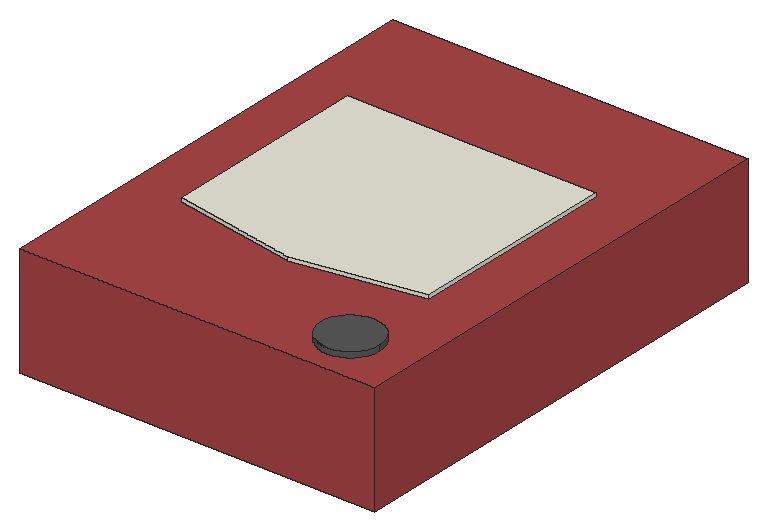
Revit family "W-BG12LXSP.BIM", category Fire Alarm Devices, host Face, Revit 2020
Family settings
  Host = Face
  Maintain Annotation Orientation = Yes
  Round Connector Dimension = Use Diameter
  Part Type = Normal
  OmniClass Number = 23.85.30.21
  OmniClass Title = Environmental Detection/Registration
  Cut with Voids When Loaded = No
  Shared = No
  Room Calculation Point = No
Parameters (values of type "Standard")
  Width = 0' - 4"
  URL = "www.firelite.com"
  Symbol_Rotate_90 [instance] = not(Symbol_Rotate_0)  # no
  Symbol_Rotate_0 [instance] = yes
  Symbol Text = "F"
  Mounting Requirements = "Standard 4 inch square or single gang electrical box."
  Module Type = ""
  Model = "W-BG12LXSP"
  Manufacturer = "Fire Lite"
  Main Electrical Connection = "Signaling Line Circuit"  # constant formula
  Length = 0' - 5 1/4"
  Height = 0' - 1 1/4"
  Description = "Manual Pull Station - Dual Action - Wireless"
  Default Elevation = 4' - 0"
  Assembly Code = "D5030700"
Reference planes (in)
  plane 1 "Center (Front/Back)": y = 0
  plane 2: z = 0
  plane 3 "Center (Left/Right)": x = 0
  plane 4: y = -2.625
  plane 5: y = 2.625
  plane 6: x = -2
  plane 7: x = 2
  plane 8: z = 1.25
Forms (in)
  Extrusion 1, solid, not visible
    sketch origin (24, -6.72932, 0) x (1, 0, 0) y (0, 1, 0)
      loop
        line (-36, 18.72932) -> (-36, -5.27068) -> (-12, -5.27068) -> (-12, 18.72932) -> (-36, 18.72932)
    from 0 to -4
  Extrusion 2, solid, material "FA-Material-Device Red"
    sketch origin (-6.79028, -1.73076, 0) x (1, 0, 0) y (0, 1, 0)
      loop
        line (4.79028, 4.35576) -> (4.79028, -0.89424) -> (8.79028, -0.89424) -> (8.79028, 4.35576) -> (4.79028, 4.35576)
    from 0 to 1.25
  Extrusion 3, void
    sketch origin (-3.11514, -181.73754, 1.04994) x (0, -1, 0) y (-1, 0, 0)
      loop
        line (-182.93105, -1.77621) -> (-182.93105, -4.41791) -> (-180.71759, -4.41791) -> (-180.48593, -3.10412) -> (-180.72008, -1.77621) -> (-182.93105, -1.77621)
    from -0.21711 to 0
  Extrusion 4, solid, material "FA-Material-Device White", detail levels medium+fine
    sketch origin (-3.11514, -181.73754, 1.25) x (-1, 0, 0) y (0, -1, 0)
      loop
        line (-4.48905, -183.00219) -> (-3.0951, -183.00219) -> (-1.70116, -183.00219) -> (-1.70116, -180.65683) -> (-3.0951, -180.41591) -> (-4.48905, -180.65683) -> (-4.48905, -183.00219)
    from 0 to 0.03843
  Extrusion 5, solid, material "FA-Material-Device Black", detail levels fine
    sketch origin (-3.11514, -181.73754, 1.25) x (-1, 0, 0) y (0, -1, 0)
      loop
        circle (-4.40646, -179.65283) r 0.331
    from 0 to 0.0625
  Extrusion 6, void
    sketch origin (-7.11514, -181.73754, 1.25) x (0, -1, 0) y (-1, 0, 0)
      loop
        line (-182.93105, -5.77621) -> (-182.93105, -8.41791) -> (-180.71759, -8.41791) -> (-180.48593, -7.10412) -> (-180.72008, -5.77621) -> (-182.93105, -5.77621)
    from 0 to -0.15134
Lines and regions (in)
  Masking region 1
    outline origin (0, 0, 0) x (1, 0, 0) y (0, 1, 0)
      loop
        line (-2, 2.625) -> (-2, -2.625) -> (2, -2.625) -> (2, 2.625) -> (-2, 2.625)
  Masking region 2, detail levels medium+fine
    outline origin (0, 0, 0) x (1, 0, 0) y (0, 1, 0)
      loop
        line (-1.41397, 1.26465) -> (-1.41397, -1.0807) -> (-0.02003, -1.32163) -> (1.37391, -1.0807) -> (1.37391, 1.26465) -> (-1.41397, 1.26465)
  Masking region 3, detail levels medium+fine
    outline origin (0, 0, 0) x (1, 0, 0) y (0, 1, 0)
      loop
        line (-1.33892, 1.19351) -> (-1.33892, -1.01746) -> (-0.01101, -1.25161) -> (1.30277, -1.01995) -> (1.30277, 1.19351) -> (-1.33892, 1.19351)
  Masking region 4, detail levels fine
    outline origin (0, 0, 0) x (1, 0, 0) y (0, 1, 0)
      loop
        circle (1.29132, -2.08471) r 0.331
  Masking region 5
    outline origin (0, 0, 0) x (0, 1, 0) y (0, 0, 1)
      loop
        line (2.62501, 1.25) -> (-2.62499, 1.25) -> (-2.62499, 0) -> (2.62501, 0) -> (2.62501, 1.25)
  Masking region 6, detail levels medium+fine
    outline origin (0, 0, 0) x (0, 1, 0) y (0, 0, 1)
      loop
        line (1.26465, 1.25) -> (1.26465, 1.28843) -> (-1.32163, 1.28843) -> (-1.32163, 1.25) -> (1.26465, 1.25)
  Masking region 7, detail levels fine
    outline origin (0, 0, 0) x (0, 1, 0) y (0, 0, 1)
      loop
        line (-1.7537, 1.25) -> (-1.7537, 1.3125) -> (-2.41571, 1.3125) -> (-2.41571, 1.25) -> (-1.7537, 1.25)
Dimensions and locks (in)
  "Width": Extrusion 2 to Extrusion 2
  "Length": plane 5 to plane 4
  "Height": plane 8 to Extrusion 1
  plane 6 to plane 3 "Center (Left/Right)" to plane 7 = 0' - 2" locked, 0' - 2" locked
  plane 5 to plane 1 "Center (Front/Back)" to plane 4 = 0' - 2 5/8" locked, 0' - 2 5/8" locked
  aligned and locked: plane 2 to Extrusion 1
  aligned and locked: level to Extrusion 1
  aligned and locked: Extrusion 2 to Masking region 1  (x4)
  aligned and locked: plane 5 to Masking region 1
  aligned and locked: Extrusion 2 to plane 4
  aligned and locked: plane 6 to Masking region 1
  aligned and locked: Masking region 1 to plane 7
  aligned and locked: plane 8 to Extrusion 2
  aligned and locked: Masking region 2 to Extrusion 4
Nested families (in)
  nested 1: "PULL STATION 0" at (0, 0, 0), visible <- "Symbol_Rotate_0", type "PULL STATION 0"
  nested 2: "PULL STATION 90" at (0, 0, 0), visible <- "Symbol_Rotate_90", type "PULL STATION 90"
Connectors (in)
  electrical at (0, 0, 0), driven by "Main Electrical Connection"
    settings: on Extrusion 2, index 1, voltage 0 V, apparent load 0 VA, apparent load phase1 0 VA, apparent load phase2 0 VA, apparent load phase3 0 VA, power factor 1, load classification "Other", number of poles 1, system type 11, power factor state 1, is connector primary yes, connector utility no, sub classification motor no, connector description "Signaling Line Circuit"
Definition of nested family "PULL STATION 0"
  Parameters
    Spare = ""
    Symbol Text = ""
    Haz = ""
    Mod Type = ""
  Reference planes (in)
    plane 1: y = 0
    plane 2: x = 0
  Lines and regions (in)
    detail lines
      curve 1: line (0.0423, 0.17259, 0) -> (-0.04193, 0.17259, 0)
      curve 2: line (0.08654, 0, 0) -> (-0.08525, 0, 0)
      curve 3: line (0.08654, 0.17259, 0) -> (0.08654, 0, 0)
      curve 4: line (-0.08525, 0.17259, 0) -> (0.08654, 0.17259, 0)
      curve 5: line (-0.08525, 0, 0) -> (-0.08525, 0.17259, 0)
  Text (in)
    label "Mod Type" at (0.13374, -0.00316, 0), shows "Mod Type"
    label "Haz" at (-0.15311, 0.19853, 0), shows "Haz"
    label "Spare" at (-0.15311, 0.02191, 0), shows "Spare"
    label "F" at (0.00161, 0.08664, 0), shows "Symbol Text"
Definition of nested family "PULL STATION 90"
  Parameters
    Spare = ""
    Symbol Text = ""
    Haz = ""
    Mod Type = "P"
  Reference planes (in)
    plane 1: y = 0
    plane 2: x = 0
  Lines and regions (in)
    detail lines
      curve 1: line (0.0423, 0.17259, 0) -> (-0.04193, 0.17259, 0)
      curve 2: line (0.08654, 0, 0) -> (-0.08525, 0, 0)
      curve 3: line (0.08654, 0.17259, 0) -> (0.08654, 0, 0)
      curve 4: line (-0.08525, 0.17259, 0) -> (0.08654, 0.17259, 0)
      curve 5: line (-0.08525, 0, 0) -> (-0.08525, 0.17259, 0)
  Text (in)
    label "Mod Type" at (0.11951, 0.19352, 0), shows "Mod Type"
    label "Haz" at (-0.08218, -0.04666, 0), shows "Haz"
    label "Spare" at (0.09443, -0.02741, 0), shows "Spare"
    label "F" at (0.00161, 0.08664, 0), shows "Symbol Text"
